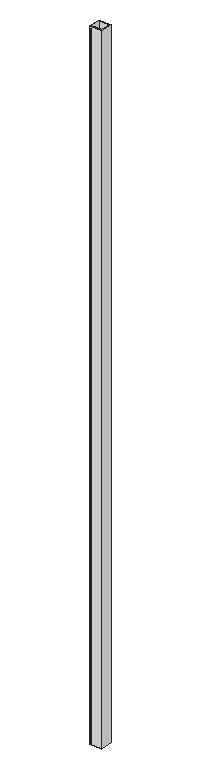
Revit family "kaku19x19x1-6", category 機械設備, Revit 2022
Family settings
  丸型コネクタ寸法 = 直径を使用
  種別 = なし
  パーツ タイプ = 標準
  作業面ベース = いいえ
  常に垂直 = はい
  ロード時にボイドで切り取り = いいえ
  注釈の向きを維持 = いいえ
  共有 = いいえ
  部屋計算ポイント = いいえ
Parameters
  製造元 = "株式会社桐井製作所"
  既定の高さ = 0 mm
  URL = "https://www.kirii.co.jp/"
  K_長さ(mm) [instance] = 1000 mm
  K_材質 = "SGCC一般用　SGC340~570高強度一般用　SGHC一般用"
  K_材料規格 = "19×19×1.6"
  K_品名 = "角パイプ19×19×1.6"
  K_名称 = "圧縮補強材"
  K_バージョン情報 = "20210714"
  K_めっき付着量 = "Z12"
  K_JIS規格 = "JIS G 3302"
Reference planes
  plane 1 "中心(正面/背面)": y = 0
  plane 2: z = 0
  plane 3 "中心(左/右)": x = 0
  plane 4: x = 9.5
  plane 5: x = -9.5
  plane 6: z = 1000
Forms (mm)
  Extrusion 1, solid
    sketch origin (0, 0, 0) x (1, 0, 0) y (0, 1, 0)
      loop
        line (-9.5, -9.5) -> (9.5, -9.5) -> (9.5, 9.5) -> (-9.5, 9.5) -> (-9.5, -9.5)
      loop
        line (-7.9, -7.9) -> (7.9, -7.9) -> (7.9, 7.9) -> (-7.9, 7.9) -> (-7.9, -7.9)
    from 0 to 1000
Dimensions and locks
  "K_長さ(mm)": plane 6 to plane 2
  aligned and locked: level to plane 2
  aligned and locked: plane 6 to Extrusion 1
  aligned and locked: plane 5 to Extrusion 1
  aligned and locked: plane 4 to Extrusion 1
Automatic sketch dimensions
  Extrusion 1 sketch curve to plane 5 = 0 mm
  Extrusion 1 sketch curve to plane 4 = 0 mm
  plane 5 to Extrusion 1 sketch curve = 1.6 mm
  Extrusion 1 sketch curve to plane 4 = 1.6 mm
  plane 1 "中心(正面/背面)" to Extrusion 1 sketch curve = 9.5 mm
  Extrusion 1 sketch curve to Extrusion 1 sketch curve = 1.6 mm  (x2)
  Extrusion 1 sketch curve to plane 1 "中心(正面/背面)" = 7.9 mm
